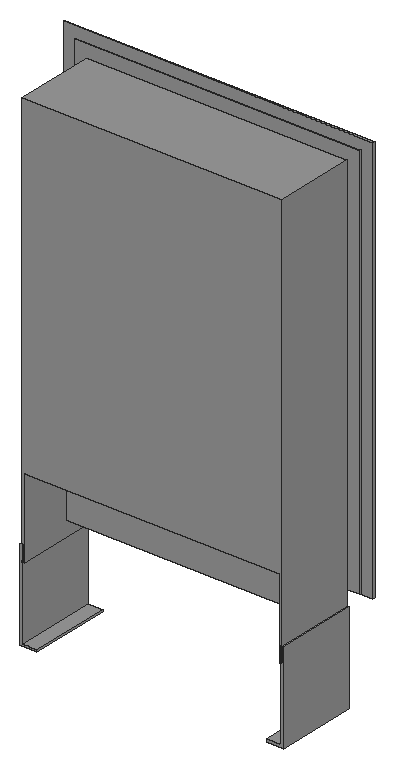
Revit family "Slim recess mounted cabinet", category Mechanical Equipment, host Wall, Revit 2017
Family settings
  Host = Wall
  Round Connector Dimension = Use Diameter
  Part Type = Normal
  Always vertical = Yes
  Cut with Voids When Loaded = Yes
  Shared = No
  Room Calculation Point = No
Parameters (values of type "Slim 350")
  supp_reference_refLevel [instance] = D / 2  # 55 mm
  real_Floor_Gap [instance] = if(Floor_Gap < 44 mm, 44 mm, if(Floor_Gap > 74 mm, 74 mm, Floor_Gap))  # 44 mm
  real_H [instance] = if(H < H_min, H_min, if(H > H_max, H_max, H))  # 660 mm
  real_D [instance] = if(D < D_min, D_min, if(D > D_max, D_max, D))  # 110 mm
  supp_height [instance] = H_min - 43 mm - supp_Floor_Gap  # 517 mm
  Hatch_Color = Color: RAL 9016
  Floor_Gap [instance] = 44 mm
  supp_Floor_Gap [instance] = if(Floor_Gap < 44 mm, 0 mm, if(Floor_Gap > 74 mm, 30 mm, Floor_Gap - 44 mm))  # 0 mm
  Visible_Hatch [instance] = yes
  Range FloorGap [instance] = "44 mm - 74mm"  # constant formula
  L1 [instance] = L + 68 mm  # 418 mm
  L [instance] = 350 mm
  H_min [instance] = 560 mm  # constant formula
  H_max [instance] = 660 mm  # constant formula
  H1_min [instance] = 595 mm  # constant formula
  H1_max [instance] = 725 mm  # constant formula
  H1 [instance] = real_H + supp_Floor_Gap + 35 mm  # 695 mm
  H [instance] = 660 mm
  D_min [instance] = 110 mm  # constant formula
  D_max [instance] = 160 mm  # constant formula
  D1 [instance] = D + 2 mm  # 112 mm
  D [instance] = 110 mm
  Code = "1445117036"
  Body_Cabinet_Material = Carbon Steel, Galvanized
Types (5, lengths in mm): name | real_H | L1 | L | H1 | H | Code
  Slim 350 | 660 | 418 | 350 | 695 | 660 | "1445117036"
  Slim 450 | 560 | 518 | 450 | 595 | 560 | "1445117037"
  Slim 580 | 560 | 648 | 580 | 595 | 560 | "1445117038"
  Slim 780 | 560 | 848 | 780 | 595 | 560 | "1445117039"
  Slim 930 | 560 | 998 | 930 | 595 | 560 | "1445117040"
Reference planes
  plane 1: y = 0
  plane 2 "Center (Left/Right)": x = 0
  plane 3 "Wall Edge": y = 150
  plane 4: z = 0
  plane 5: z = 517
  plane 6: y = 95
  plane 7: z = 387.75
  plane 8: z = 258.5
  plane 9: z = 129.25
Lines and regions (mm)
  reference lines
    curve 1: line (-320, 150, 0) -> (280, 150, 0)
Text (mm)
  text "Placement Side" at (0, 1019.848, 3124.603), in view "Right"
  text "Placement Side" at (-1787.662, 723.012, 0), in view "Ref. Level"
  text "Placement Side" at (0, 2073.289, 3571.227), in view "Left"
Dimensions and locks
  locked: plane 3 "Wall Edge" to host wall
  "supp_height": plane 5 to plane 4
  "supp_reference_refLevel": plane 6 to plane 3 "Wall Edge"
  equal spacing: level, plane 9, plane 8, plane 7, plane 5
  aligned and locked: plane 5 to nested 1
Automatic sketch dimensions
  curve 1 to level = 0 mm
  plane 2 "Center (Left/Right)" to curve 1 = 280 mm
  curve 1 to plane 2 "Center (Left/Right)" = 320 mm
Nested families
  nested 1: "Body_Slim" at (0, 0, -2), Visible_Door <- "Visible_Hatch", H <- "H", floor_gap_dimmension <- "supp_Floor_Gap", D1 <- "D1", L <- "L", L1 <- "L1", D <- "D", H1 <- "H1", Cabinet_Body_Material <- "Body_Cabinet_Material", H_min <- "H_min", H_max <- "H_max", H1_min <- "H1_min", H1_max <- "H1_max", D_min <- "D_min", D_max <- "D_max", Hatch_Color <- "Hatch_Color", real_floor_gap <- "real_Floor_Gap", type "Slim 350"
    with supp_H1 554 mm, supp_H 519 mm, real_floor_gap 44 mm, real_H1 695 mm, real_H 660 mm, real_D 110 mm, plate_thickness_2 2 mm, plate_thickness 3 mm, height_hatch 551 mm, for_void 143 mm, floor_gap_dimmension 0 mm, constant_Dim 41 mm, botton_bar 39.7 mm, back_cutout 66 mm, Visible_Door yes, L_hole 355 mm, L1 418 mm, L 350 mm, Hatch_Color Color: RAL 9016, H_min 560 mm, H_max 660 mm, H1_min 595 mm, H1_max 725 mm, H1 695 mm, H 660 mm, D_min 110 mm, D_max 160 mm, D1 112 mm, D 110 mm, Cabinet_Body_Material Carbon Steel, Galvanized, 1/2D 55 mm
Definition of nested family "Body_Slim"
  Parameters (values of type "Slim 350")
    real_floor_gap [instance] = 44 mm
    real_H1 [instance] = H + 35 mm  # 695 mm
    real_H [instance] = if(H < H_min, H_min, if(H > H_max, H_max, H))  # 660 mm
    real_D [instance] = if(D < D_min, D_min, if(D > D_max, D_max, D))  # 110 mm
    plate_thickness_2 [instance] = 2 mm  # constant formula
    height_hatch [instance] = 551 mm  # constant formula
    for_void [instance] = real_H - H_min + 43 mm  # 143 mm
    floor_gap_dimmension [instance] = 0 mm
    constant_Dim [instance] = 41 mm  # constant formula
    back_cutout [instance] = 66 mm  # constant formula
    Visible_Door [instance] = yes
    botton_bar [instance] = 39.7 mm  # constant formula
    plate_thickness [instance] = 3 mm  # constant formula
    supp_H1 [instance] = if(real_H1 = 595 mm, real_H1 - constant_Dim, if(real_H1 > 595 mm, real_H1 - (constant_Dim + (real_H1 - H1_min)), 100 mm))  # 554 mm
    supp_H [instance] = if(real_H = 560 mm, real_H - constant_Dim, if(real_H > 560 mm, real_H - (constant_Dim + (real_H - H_min)), 100 mm))  # 519 mm
    L_hole [instance] = L + 5 mm  # 355 mm
    L1 [instance] = 418 mm
    L [instance] = 350 mm
    Hatch_Color [instance] = none
    H_max [instance] = 660 mm
    H_min [instance] = 560 mm
    H1_min [instance] = 595 mm
    H1_max [instance] = 725 mm
    H1 [instance] = 615 mm
    H [instance] = 660 mm
    D_min [instance] = 110 mm
    D_max [instance] = 160 mm
    D1 [instance] = 142 mm
    D [instance] = 110 mm
    Code = "1445117036"
    Cabinet_Body_Material [instance] = none
    1/2D [instance] = real_D / 2  # 55 mm
  Reference planes
    plane 1: y = 0
    plane 2 "Center (Left/Right)": x = 0
    plane 3 "Wall Edge": y = 150
    plane 4: x = -177.5
    plane 5: x = 177.5
    plane 6 "H_Top": z = 519
    plane 7 "H1_Top": z = 554
    plane 8: x = -175
    plane 9: x = 175
    plane 10: x = -172
    plane 11: x = 172
    plane 12: z = 516
    plane 13: z = 0
    plane 14: y = -75
    plane 15: y = 75
    plane 16: y = -150
    plane 17 "real_D": y = -20
    plane 18: x = 172
    plane 19: x = -172
    plane 20: y = 112.5
    plane 21 "D_real": y = 40
    plane 22 "plate_": y = 43
    plane 23: x = -87.5
    plane 24: x = 87.5
    plane 25 "back_cut": z = 66
    plane 26: y = 147
    plane 27 "plate_th": z = 516
    plane 28 "L1_p": x = -209
    plane 29 "L1_L": x = 209
    plane 30: y = 152
    plane 31: y = 154
    plane 32 "height_hatch": z = 551
    plane 33 "popiecie": z = 0
    plane 34: z = 0
    plane 35 "For_Void": z = -143
    plane 36 "floor gap": z = -44
    plane 37 "Dim_Const": z = -41
    plane 38 "height_Hatch": z = 551
  Forms (mm)
    Extrusion 1, void
      sketch origin (0, 150, 0) x (1, 0, 0) y (0, 0, 1)
        loop
          line (177.5, -143) -> (177.5, 519) -> (-177.5, 519) -> (-177.5, -143) -> (177.5, -143)
      from 0 to 110
    Extrusion 2, solid, material <- "Cabinet_Body_Material", detail levels fine
      sketch origin (0, 150, 0) x (1, 0, 0) y (0, 0, 1)
        loop
          line (-175, -41) -> (175, -41) -> (175, 519) -> (-175, 519) -> (-175, -41)
      from 0 to 110
    Sweep 3, solid, material <- "Cabinet_Body_Material", detail levels fine
      path origin (0, 150, 0) x (1, 0, 0) y (0, 0, 1)
        loop
          line (-172, 0) -> (-172, 516) -> (172, 516) -> (172, 0)
      profile "Cabinet perimeter : Family1" origin (-172, 150, 258) x (-1, 0, 0) y (0, -1, 0)
        loop
          line (0, 0) -> (0, -2) -> (20, -2) -> (20, 0) -> (0, 0)
    Sweep 4, solid, material <- "Cabinet_Body_Material", detail levels fine
      path in 3D
        loop
          line (177.5, 150, -143) -> (177.5, 40, -143)
      profile "Right_leg : Family5" origin (177.5, 95, -143) x (1, 0, 0) y (0, 0, 1)
        loop
          line (0, 0) -> (0, 123) -> (-3, 123) -> (-3, 3) -> (-23, 3) -> (-23, 0) -> (0, 0)
    Sweep 5, solid, material <- "Cabinet_Body_Material", detail levels fine
      path in 3D
        loop
          line (-177.5, 150, -143) -> (-177.5, 40, -143)
      profile "Left_Leg : Family6" origin (-177.5, 95, -143) x (1, 0, 0) y (0, 0, 1)
        loop
          line (0, 123) -> (0, 0) -> (23, 0) -> (23, 3) -> (3, 3) -> (3, 123) -> (0, 123)
    Extrusion 6, void
      sketch origin (0, 150, 0) x (1, 0, 0) y (0, 0, 1)
        loop
          line (172, -41) -> (172, 516) -> (-172, 516) -> (-172, -41) -> (172, -41)
      from 0 to 107
    Extrusion 7, void
      sketch origin (0, 150, 0) x (1, 0, 0) y (0, 0, 1)
        loop
          line (-172, 66) -> (-172, -41) -> (172, -41) -> (172, 66) -> (-172, 66)
      from 0 to 110
    Sweep 8, solid, detail levels fine
      path in 3D
        loop
          line (0, 112.5, 516) -> (0, 147, 516)
      profile origin (0, 129.75, 516) x (-1, 0, 0) y (0, 0, 1)
        loop
          line (-18.803, 0) -> (-18.803, -4.004) -> (18.803, -4.004) -> (18.803, 0) -> (-18.803, 0)
    Sweep 9, solid, material <- "Cabinet_Body_Material", detail levels fine
      path in 3D
        loop
          line (0, 147, 516) -> (0, 150, 516)
      profile "L : 10mm" origin (0, 148.5, 516) x (-1, 0, 0) y (0, 0, 1)
        loop
          arc (18.803, -10.696) -> (20.855, -5.348) -> (18.803, 0) r 7.994
          line (18.803, 0) -> (-18.803, 0) -> (-18.803, -52.271)
          arc (-18.803, -52.271) -> (-13.455, -54.165) -> (-8.107, -52.271) r 8.5
          line (-8.107, -52.271) -> (-8.107, -10.696) -> (18.803, -10.696)
    Extrusion 10, solid, material <- "Hatch_Color", visible <- "Visible_Door", detail levels fine
      sketch origin (0, 150, 0) x (1, 0, 0) y (0, 0, 1)
        loop
          line (-209, 0) -> (209, 0) -> (209, 551) -> (-209, 551) -> (-209, 0)
      from -4 to -2
    Extrusion 11, solid, visible <- "Visible_Door", detail levels fine
      sketch origin (0, 150, 0) x (1, 0, 0) y (0, 0, 1)
        loop
          circle (0, 482.056) r 15
        loop
          line (2, 495.571) -> (-2, 495.571) -> (-2, 469.321) -> (2, 469.321) -> (2, 495.571)
      from -5.798 to -2
    Sweep 12, solid, material <- "Cabinet_Body_Material", detail levels fine
      path in 3D
        loop
          line (-172, 112.5, 0) -> (172, 112.5, 0)
      profile "T : Family4" origin (0, 112.5, 0) x (0, 1, 0) y (0, 0, 1)
        loop
          line (-2, -20) -> (12, -20) -> (12, -16) -> (2, -16) -> (2, 16) -> (7, 16) -> (7, 20) -> (-2, 20) -> (-2, -20)
    Extrusion 13, solid, visible <- "Visible_Door", not visible, detail levels fine
      sketch origin (0, 150, 0) x (1, 0, 0) y (0, 0, 1)
        loop
          circle (0, 482.056) r 15
        loop
          line (2, 495.571) -> (-2, 495.571) -> (-2, 469.321) -> (2, 469.321) -> (2, 495.571)
      from -5.798 to -2
  Cuts and joins
    Extrusion 6, Extrusion 7 cuts Extrusion 2
    Extrusion 7 cuts Sweep 4
    Extrusion 7 cuts Sweep 5
  Lines and regions (mm)
    reference lines
      curve 1: line (-172, 112.5, 0) -> (172, 112.5, 0)
      curve 2: line (177.5, 150, -143) -> (177.5, 40, -143)
      curve 4: line (-177.5, 150, -143) -> (-177.5, 40, -143)
      curve 6: line (0, 112.5, 516) -> (0, 147, 516)
      curve 8: line (0, 147, 516) -> (0, 150, 516)
      curve 11: line (0, -491, -98) -> (0, 639, -98)
      curve 12: line (-2, 150, 482.446) -> (-62, 150, 482.446)
    sketch lines
      curve 3: line (177.5, 150, -143) -> (177.5, 40, -143)
      curve 5: line (-177.5, 150, -143) -> (-177.5, 40, -143)
      curve 7: line (0, 112.5, 516) -> (0, 147, 516)
      curve 9: line (0, 147, 516) -> (0, 150, 516)
      curve 10: line (-172, 112.5, 0) -> (172, 112.5, 0)
    reference lines, not visible
      curve 13: line (-2, 150, 482.446) -> (-62, 150, 482.446)
  Text (mm)
    text "Placement Side" at (0, 1019.848, 3124.603), in view "Right"
    text "Placement Side" at (-1787.662, 723.012, 0), in view "Ref. Level"
    text "Placement Side" at (0, 2073.289, 3571.227), in view "Left"
  Dimensions and locks
    locked: plane 3 "Wall Edge" to host wall
    equal spacing: plane 4, plane 2 "Center (Left/Right)", plane 5
    "L_hole": plane 4 to plane 5
    "supp_H": level to plane 6 "H_Top"
    "supp_H1": level to plane 7 "H1_Top"
    equal spacing: plane 8, plane 2 "Center (Left/Right)", plane 9
    "L": plane 8 to plane 9
    "plate_thickness": plane 12 to plane 6 "H_Top"
    "plate_thickness": plane 8 to plane 10
    "plate_thickness": plane 11 to plane 9
    equal spacing: plane 16, plane 14, plane 1, plane 15, plane 3 "Wall Edge"
    "plate_thickness": plane 8 to plane 19
    "plate_thickness": plane 18 to plane 9
    equal spacing: plane 3 "Wall Edge", plane 20, plane 15
    "real_D": plane 21 "D_real" to plane 3 "Wall Edge"
    "plate_thickness": plane 22 "plate_" to plane 21 "D_real"
    "back_cutout": level to plane 25 "back_cut"
    equal spacing: plane 2 "Center (Left/Right)", plane 24, plane 9
    equal spacing: plane 2 "Center (Left/Right)", plane 23, plane 8
    "plate_thickness": plane 3 "Wall Edge" to plane 26
    "plate_thickness": plane 27 "plate_th" to plane 6 "H_Top"
    equal spacing: plane 28 "L1_p", plane 2 "Center (Left/Right)", plane 29 "L1_L"
    "L1": plane 28 "L1_p" to plane 29 "L1_L"
    "plate_thickness_2": plane 3 "Wall Edge" to plane 30
    "plate_thickness_2": plane 31 to plane 30
    "height_hatch": level to plane 32 "height_hatch"
    curve 12 to plane 6 "H_Top" = 36.554 mm
    "floor_gap_dimmension": level to plane 34
    "for_void": plane 35 "For_Void" to level
    "real_floor_gap": plane 36 "floor gap" to level
    "constant_Dim": plane 37 "Dim_Const" to level
    "height_hatch": plane 34 to plane 38 "height_Hatch"
    aligned and locked: plane 4 to Extrusion 1 sketch curve
    aligned and locked: Extrusion 1 sketch curve to plane 5
    aligned and locked: plane 6 "H_Top" to Extrusion 1 sketch curve
    aligned and locked: plane 9 to Extrusion 2 sketch curve
    aligned and locked: Extrusion 2 sketch curve to plane 8
    aligned and locked: Extrusion 2 sketch curve to plane 6 "H_Top"
    aligned and locked: plane 12 to Sweep 3 sketch curve
    aligned and locked: Sweep 3 sketch curve to plane 10
    aligned and locked: Sweep 3 sketch curve to plane 11
    aligned and locked: curve 1 to plane 18
    aligned and locked: curve 1 to plane 19
    aligned and locked: plane 5 to curve 2
    aligned and locked: plane 4 to curve 4
    aligned and locked: curve 1 to plane 20
    aligned and locked: plane 3 "Wall Edge" to curve 2
    aligned and locked: plane 21 "D_real" to curve 2
    aligned and locked: plane 3 "Wall Edge" to curve 4
    aligned and locked: Extrusion 6 sketch curve to Sweep 3  (x3)
    aligned and locked: Extrusion 7 sketch curve to Sweep 3
    aligned and locked: plane 25 "back_cut" to Extrusion 7 sketch curve
    aligned and locked: plane 18 to Extrusion 7 sketch curve
    aligned and locked: nested 1 to plane 24
    aligned and locked: nested 2 to plane 23
    aligned and locked: nested 2 to plane 25 "back_cut"
    aligned and locked: plane 25 "back_cut" to nested 1
    aligned and locked: plane 22 "plate_" to nested 1
    aligned and locked: plane 22 "plate_" to nested 2
    aligned and locked: plane 26 to curve 6
    aligned and locked: plane 3 "Wall Edge" to curve 8
    aligned and locked: Sweep 8 sketch curve to Sweep 9
    aligned and locked: Extrusion 10 sketch curve to plane 28 "L1_p"
    aligned and locked: plane 29 "L1_L" to Extrusion 10 sketch curve
    aligned and locked: Extrusion 11 to Sweep 3
    aligned and locked: plane 33 "popiecie" to level
    aligned and locked: plane 34 to Extrusion 10
    aligned and locked: Sweep 3 sketch curve to plane 34  (x2)
    aligned and locked: Extrusion 6 to plane 22 "plate_"
    aligned and locked: Extrusion 1 to plane 35 "For_Void"
    aligned and locked: Extrusion 6 to Extrusion 7
    aligned and locked: Extrusion 2 to Extrusion 6
    aligned and locked: cut or joined group of Extrusion 2, Extrusion 6, Extrusion 7 to plane 21 "D_real"
    aligned and locked: plane 21 "D_real" to curve 4
    aligned and locked: Extrusion 1 to plane 21 "D_real"
    aligned and locked: Extrusion 7 to plane 21 "D_real"
    aligned and locked: cut or joined group of Extrusion 2, Extrusion 6, Extrusion 7 to plane 37 "Dim_Const"
    aligned and locked: Extrusion 10 sketch curve to plane 38 "height_Hatch"
  Automatic sketch dimensions
    Sweep 8 sketch curve to profile plane = 4.004 mm
    profile plane to Sweep 8 sketch curve = 18.803 mm
    Sweep 8 sketch curve to profile plane = 18.803 mm
    curve 6 to plane 2 "Center (Left/Right)" = 0 mm
    curve 6 to plane 20 = 0 mm
    Extrusion 11 sketch curve to Extrusion 11 sketch curve = 12.734 mm
    Extrusion 11 sketch curve to Extrusion 11 sketch curve = 13.516 mm
    host wall to curve 11 = 341 mm
    plane 31 to curve 11 = 485 mm
    Extrusion 11 sketch curve to Extrusion 11 sketch curve = 2 mm
    Extrusion 11 sketch curve to Extrusion 11 sketch curve = 4 mm
    Extrusion 13 sketch curve to Extrusion 13 sketch curve = 12.734 mm
    Extrusion 13 sketch curve to Extrusion 13 sketch curve = 13.516 mm
    Extrusion 13 sketch curve to Extrusion 13 sketch curve = 2 mm
    Extrusion 13 sketch curve to Extrusion 13 sketch curve = 4 mm
    curve 12 to curve 12 = 60 mm
    curve 13 to curve 13 = 60 mm
    plane 36 "floor gap" to Extrusion 6 sketch curve = 3 mm
    curve 2 to plane 21 "D_real" = 0 mm
    curve 4 to plane 22 "plate_" = 3 mm
    plane 36 "floor gap" to Extrusion 7 sketch curve = 3 mm
    plane 36 "floor gap" to Extrusion 2 sketch curve = 3 mm
    Extrusion 1 sketch curve to plane 35 "For_Void" = 0 mm
    plane 35 "For_Void" to curve 11 = 45 mm
    level to Extrusion 10 sketch curve = 0 mm
    radius of Extrusion 11 sketch curve = 15 mm
    radius of Extrusion 13 sketch curve = 15 mm
  Nested families
    nested 1: "Lath" at (87.5, 43, 266) x (-1, 0, 0) z (0, 0, 1), type "Lath", detail levels fine
      with width 25 mm, thickness 5 mm, srua-dl 8 mm, podkladka 1 mm, nakretka dl 6 mm, height 400 mm, diameter_srub 7 mm, diameter_podkładki 20 mm
    nested 2: "Lath" at (-87.5, 43, 266) x (-1, 0, 0) z (0, 0, 1), type "Lath", detail levels fine
      with width 25 mm, thickness 5 mm, srua-dl 8 mm, podkladka 1 mm, nakretka dl 6 mm, height 400 mm, diameter_srub 7 mm, diameter_podkładki 20 mm
  Definition of nested family "Lath"
    Parameters (values of type "Lath")
      width [instance] = 25 mm  # constant formula
      thickness [instance] = 5 mm  # constant formula
      srua-dl [instance] = 8 mm  # constant formula
      podkladka [instance] = 1 mm  # constant formula
      nakretka dl [instance] = 6 mm  # constant formula
      height [instance] = 400 mm  # constant formula
      diameter_srub [instance] = 7 mm  # constant formula
      diameter_podkładki [instance] = 20 mm  # constant formula
      Default Elevation = 1219.2 mm
    Reference planes
      plane 1 "Center (Front/Back)": y = 0
      plane 2: z = 0
      plane 3 "Center (Left/Right)": x = 0
      plane 4: x = -12.5
      plane 5: x = 12.5
      plane 6: z = 200
      plane 7: z = -200
      plane 8: y = -5
      plane 9: y = -6
      plane 10: z = -100
      plane 11: z = 50
      plane 12: z = 150
      plane 13: z = -50
      plane 14: z = -150
      plane 15: z = 100
      plane 16: y = -12
      plane 17: y = -20
    Forms (mm)
      Extrusion 1, solid
        sketch origin (0, 0, 0) x (1, 0, 0) y (0, 0, 1)
          loop
            line (-12.5, 200) -> (-12.5, -200) -> (12.5, -200) -> (12.5, 200) -> (-12.5, 200)
        from 0 to 5
      Extrusion 2, solid
        sketch origin (0, 0, 0) x (1, 0, 0) y (0, 0, 1)
          loop
            circle (0, 150) r 10
          loop
            circle (0, 50) r 10
          loop
            circle (0, -50) r 10
          loop
            circle (0, -150) r 10
        from 5 to 6
      Extrusion 3, solid
        sketch origin (0, 0, 0) x (1, 0, 0) y (0, 0, 1)
          loop
            line (4, 143.072) -> (8, 150) -> (4, 156.928) -> (-4, 156.928) -> (-8, 150) -> (-4, 143.072) -> (4, 143.072)
          loop
            line (4, 43.072) -> (8, 50) -> (4, 56.928) -> (-4, 56.928) -> (-8, 50) -> (-4, 43.072) -> (4, 43.072)
          loop
            line (4, -56.928) -> (8, -50) -> (4, -43.072) -> (-4, -43.072) -> (-8, -50) -> (-4, -56.928) -> (4, -56.928)
          loop
            line (4, -156.928) -> (8, -150) -> (4, -143.072) -> (-4, -143.072) -> (-8, -150) -> (-4, -156.928) -> (4, -156.928)
        from 6 to 12
      Extrusion 4, solid
        sketch origin (0, 0, 0) x (1, 0, 0) y (0, 0, 1)
          loop
            circle (0, 150) r 3.5
          loop
            circle (0, 50) r 3.5
          loop
            circle (0, -50) r 3.5
          loop
            circle (0, -150) r 3.5
        from 12 to 20
    Dimensions and locks
      equal spacing: plane 6, level, plane 7
      "height": plane 6 to plane 7
      equal spacing: plane 5, plane 3 "Center (Left/Right)", plane 4
      "width": plane 5 to plane 4
      "thickness": plane 1 "Center (Front/Back)" to plane 8
      "podkladka": plane 8 to plane 9
      equal spacing: plane 6, plane 15, level
      equal spacing: level, plane 10, plane 7
      equal spacing: plane 10, plane 14, plane 7
      equal spacing: level, plane 13, plane 10
      equal spacing: plane 15, plane 11, level
      equal spacing: plane 6, plane 12, plane 15
      "nakretka dl": plane 9 to plane 16
      "srua-dl": plane 16 to plane 17
      "diameter_podkładki": diameter of Extrusion 2 sketch curve  (x4)
      "diameter_srub": diameter of Extrusion 4 sketch curve  (x4)
      aligned and locked: plane 2 to level
      aligned and locked: Extrusion 1 sketch curve to plane 6
      aligned and locked: Extrusion 1 sketch curve to plane 4
      aligned and locked: plane 7 to Extrusion 1 sketch curve
      aligned and locked: Extrusion 1 sketch curve to plane 5
      aligned and locked: Extrusion 1 to plane 8
      aligned and locked: plane 3 "Center (Left/Right)" to Extrusion 2 sketch curve  (x4)
      aligned and locked: plane 14 to Extrusion 2 sketch curve
      aligned and locked: plane 13 to Extrusion 2 sketch curve
      aligned and locked: plane 11 to Extrusion 2 sketch curve
      aligned and locked: plane 12 to Extrusion 2 sketch curve
      aligned and locked: Extrusion 2 to Extrusion 1
      aligned and locked: Extrusion 2 to plane 9
      aligned and locked: Extrusion 3 to plane 9
      aligned and locked: Extrusion 3 to plane 16
      aligned and locked: Extrusion 4 to Extrusion 3
      aligned and locked: Extrusion 4 to plane 17
    Automatic sketch dimensions
      Extrusion 3 sketch curve to plane 11 = 0 mm  (x2)
      Extrusion 3 sketch curve to plane 14 = 0 mm  (x2)
      Extrusion 3 sketch curve to plane 13 = 0 mm  (x2)
      Extrusion 3 sketch curve to plane 12 = 0 mm  (x2)
      plane 4 to Extrusion 3 sketch curve = 4.5 mm  (x4)
      Extrusion 3 sketch curve to plane 3 "Center (Left/Right)" = 4 mm  (x8)
      plane 3 "Center (Left/Right)" to Extrusion 3 sketch curve = 4 mm  (x8)
      Extrusion 3 sketch curve to plane 5 = 4.5 mm  (x4)
      plane 14 to Extrusion 3 sketch curve = 6.928 mm
      Extrusion 3 sketch curve to plane 14 = 6.928 mm
      plane 13 to Extrusion 3 sketch curve = 6.928 mm
      Extrusion 3 sketch curve to plane 13 = 6.928 mm
      plane 11 to Extrusion 3 sketch curve = 6.928 mm
      Extrusion 3 sketch curve to plane 11 = 6.928 mm
      plane 12 to Extrusion 3 sketch curve = 6.928 mm
      Extrusion 3 sketch curve to plane 12 = 6.928 mm
      Extrusion 4 sketch curve to plane 3 "Center (Left/Right)" = 0 mm  (x4)
      Extrusion 4 sketch curve to plane 14 = 0 mm
      Extrusion 4 sketch curve to plane 13 = 0 mm
      Extrusion 4 sketch curve to plane 11 = 0 mm
      Extrusion 4 sketch curve to plane 12 = 0 mm
